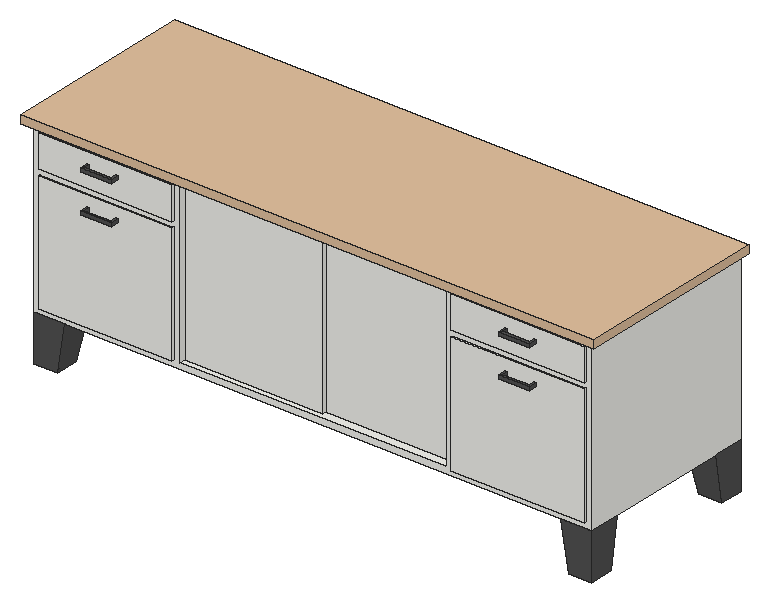
Revit family
Parameters (values of type "1830 x 0610mm")
  Keynote = "N"
  Depth = 610.00 mm
  Material Desk Body = Laminate - Ivory, Matte
  Material Handle/Legs = Metal - Chrome
  Material Top = Wood - Cherry
  Height = 734.00 mm
  Width = 1830.00 mm
  Assembly Code = ""
Types (2, lengths in mm): name | Width
  1830 x 0610mm | 1830.00
  1525 x 0610mm | 1525.00
Reference planes
  plane 1 "Center (Front/Back)": y = 4.58
  plane 2: z = 0
  plane 3 "Center (Left/Right)": x = 59.544
  plane 4 "Back": y = 309.58
  plane 5 "Front": y = -300.42
  plane 6 "Right": x = 974.544
  plane 7 "Left": x = -855.456
  plane 8 "Top": z = 734
  plane 9: z = 152.4
  plane 10: x = -397.956
  plane 11: x = 517.044
  plane 12: y = -306.77
  plane 13: y = 290.33
  plane 14: x = 745.794
  plane 15: z = 654.137
  plane 16: z = 527.05
  plane 17: x = 694.544
  plane 18: x = -626.706
  plane 19: z = 654.05
  plane 20: z = 527.05
Forms (mm)
  Extrusion 1, solid, material "Wood - Cherry" <- "Material Top"
    sketch origin (0, 0, 0) x (1, 0, 0) y (0, 1, 0)
      loop
        line (-880.856, 309.58) -> (-880.856, -325.82) -> (999.944, -325.82) -> (999.944, 309.58) -> (-880.856, 309.58)
    from 708.6 to 734
  Extrusion 2, solid, material "Laminate - Ivory, Matte" <- "Material Desk Body"
    sketch origin (0, 0, 0) x (1, 0, 0) y (0, 1, 0)
      loop
        line (-855.456, 309.58) -> (-855.456, -300.42) -> (974.544, -300.42) -> (974.544, 309.58) -> (-855.456, 309.58)
    from 152.4 to 708.6
  Blend 3, solid, material "Metal - Chrome" <- "Material Handle/Legs"
    base sketch origin (-854.856, 614.18, 0) x (1, 0, 0) y (0, 1, 0)
      loop
        line (1829.4, -914.6) -> (1829.4, -838.4) -> (1753.2, -838.4) -> (1753.2, -914.6) -> (1829.4, -914.6)
    top sketch origin (-854.856, 614.18, 0) x (1, 0, 0) y (0, 1, 0)
      loop
        line (1829.4, -914.6) -> (1829.4, -813) -> (1727.8, -813) -> (1727.8, -914.6) -> (1829.4, -914.6)
    from 0 to 152.4
  Blend 4, solid, material "Metal - Chrome" <- "Material Handle/Legs"
    base sketch origin (973.944, -605.02, 0) x (-1, 0, 0) y (0, -1, 0)
      loop
        line (1829.4, -914.6) -> (1829.4, -838.4) -> (1753.2, -838.4) -> (1753.2, -914.6) -> (1829.4, -914.6)
    top sketch origin (973.944, -605.02, 0) x (-1, 0, 0) y (0, -1, 0)
      loop
        line (1829.4, -914.6) -> (1829.4, -813) -> (1727.8, -813) -> (1727.8, -914.6) -> (1829.4, -914.6)
    from 0 to 152.4
  Blend 5, solid, material "Metal - Chrome" <- "Material Handle/Legs"
    base sketch origin (973.944, 614.18, 0) x (-1, 0, 0) y (0, -1, 0)
      loop
        line (1829.4, 914.6) -> (1753.2, 914.6) -> (1753.2, 838.4) -> (1829.4, 838.4) -> (1829.4, 914.6)
    top sketch origin (973.944, 614.18, 0) x (-1, 0, 0) y (0, -1, 0)
      loop
        line (1829.4, 914.6) -> (1727.8, 914.6) -> (1727.8, 813) -> (1829.4, 813) -> (1829.4, 914.6)
    from 0 to 152.4
  Extrusion 6, solid, material "Laminate - Ivory, Matte" <- "Material Desk Body"
    sketch origin (1143, 309.58, 0) x (1, 0, 0) y (0, 0, 1)
      loop
        line (-1979.406, 689.55) -> (-1979.406, 581.6) -> (-1540.956, 581.6) -> (-1540.956, 689.55) -> (-1979.406, 689.55)
      loop
        line (-1540.956, 171.45) -> (-1540.956, 562.55) -> (-1979.406, 562.55) -> (-1979.406, 171.45) -> (-1540.956, 171.45)
    from 610 to 616.35
  Extrusion 7, solid, material "Laminate - Ivory, Matte" <- "Material Desk Body"
    sketch origin (1143, 309.58, 0) x (1, 0, 0) y (0, 0, 1)
      loop
        line (-625.956, 689.55) -> (-625.956, 584.2) -> (-187.506, 584.2) -> (-187.506, 689.55) -> (-625.956, 689.55)
      loop
        line (-187.506, 171.45) -> (-187.506, 565.15) -> (-625.956, 565.15) -> (-625.956, 171.45) -> (-187.506, 171.45)
    from 609.6 to 615.95
  Blend 8, solid, material "Metal - Chrome" <- "Material Handle/Legs"
    base sketch origin (-854.856, -605.02, 0) x (1, 0, 0) y (0, 1, 0)
      loop
        line (1829.4, 914.6) -> (1753.2, 914.6) -> (1753.2, 838.4) -> (1829.4, 838.4) -> (1829.4, 914.6)
    top sketch origin (-854.856, -605.02, 0) x (1, 0, 0) y (0, 1, 0)
      loop
        line (1829.4, 914.6) -> (1727.8, 914.6) -> (1727.8, 813) -> (1829.4, 813) -> (1829.4, 914.6)
    from 0 to 152.4
  Extrusion 9, void
    sketch origin (1143, 309.58, 0) x (1, 0, 0) y (0, 0, 1)
      loop
        line (-1521.906, 689.55) -> (-1521.906, 171.45) -> (-645.006, 171.45) -> (-645.006, 689.55) -> (-1521.906, 689.55)
    from 19.25 to 610
  Extrusion 10, solid, material "Laminate - Ivory, Matte" <- "Material Desk Body"
    sketch origin (1143, 309.58, 0) x (1, 0, 0) y (0, 0, 1)
      loop
        line (-1069.375, 689.55) -> (-1521.906, 689.55) -> (-1521.906, 171.45) -> (-1069.375, 171.45) -> (-1069.375, 689.55)
    from 576.652 to 589.352
  Extrusion 11, solid, material "Laminate - Ivory, Matte" <- "Material Desk Body"
    sketch origin (34.008, -300.42, 0) x (1, 0, 0) y (0, 0, 1)
      loop
        line (497.994, 689.55) -> (12.836, 689.55) -> (12.836, 171.45) -> (497.994, 171.45) -> (497.994, 689.55)
    from -45.648 to -33.348
  Sweep 12, solid, material "Metal - Chrome" <- "Material Handle/Legs"
    path origin (0, 0, 0) x (1, 0, 0) y (0, 1, 0)
      loop
        line (694.994, -306.77) -> (694.994, -332.17) -> (796.594, -332.17) -> (796.594, -306.77)
    profile origin (0, -319.47, 0) x (1, 0, 0) y (0, 0, 1)
      loop
        line (694.994, 654.137) -> (694.994, 641.437) -> (701.344, 641.437) -> (701.344, 654.137) -> (694.994, 654.137)
      loop
        line (694.994, 527.05) -> (694.994, 514.35) -> (701.344, 514.35) -> (701.344, 527.05) -> (694.994, 527.05)
  Sweep 13, solid, material "Metal - Chrome" <- "Material Handle/Legs"
    path origin (0, 0, 0) x (1, 0, 0) y (0, 1, 0)
      loop
        line (-677.506, -306.77) -> (-677.506, -332.17) -> (-575.906, -332.17) -> (-575.906, -306.77)
    profile origin (0, -319.47, 0) x (1, 0, 0) y (0, 0, 1)
      loop
        line (-677.506, 527.05) -> (-677.506, 514.35) -> (-671.156, 514.35) -> (-671.156, 527.05) -> (-677.506, 527.05)
      loop
        line (-677.506, 654.05) -> (-677.506, 641.35) -> (-671.156, 641.35) -> (-671.156, 654.05) -> (-677.506, 654.05)
Cuts and joins
  Extrusion 9 cuts Extrusion 1
  Extrusion 9 cuts Extrusion 2
  Extrusion 9 cuts Blend 3
  Extrusion 9 cuts Blend 4
  Extrusion 9 cuts Blend 5
  Extrusion 9 cuts Extrusion 6
  Extrusion 9 cuts Extrusion 7
  Extrusion 9 cuts Blend 8
Lines and regions (mm)
  Masking region 1
    outline origin (0, 0, 0) x (1, 0, 0) y (0, 1, 0)
      loop
        line (999.944, 309.58) -> (-880.856, 309.58) -> (-880.856, -325.82) -> (-677.506, -325.82) -> (-677.506, -332.17) -> (-575.906, -332.17) -> (-575.906, -325.82) -> (694.994, -325.82) -> (694.994, -332.17) -> (796.594, -332.17) -> (796.594, -325.82) -> (999.944, -325.82) -> (999.944, 309.58)
  symbolic lines
    curve 1: line (694.994, -325.82, 0) -> (796.594, -325.82, 0)
    curve 2: line (-677.506, -325.82, 0) -> (-575.906, -325.82, 0)
Dimensions and locks
  equal spacing: plane 7 "Left", plane 3 "Center (Left/Right)", plane 6 "Right"
  equal spacing: plane 5 "Front", plane 1 "Center (Front/Back)", plane 4 "Back"
  "Width": plane 7 "Left" to plane 6 "Right"
  "Depth": plane 5 "Front" to plane 4 "Back"
  "Height": plane 8 "Top" to plane 2
  locked: Extrusion 1 to Extrusion 1 at 25.4
  locked: plane 9 to plane 2 at 152.4
  equal spacing: plane 7 "Left", plane 10, plane 3 "Center (Left/Right)"
  equal spacing: plane 6 "Right", plane 11, plane 3 "Center (Left/Right)"
  plane 12 to plane 5 "Front" = 6.35 mm
  Extrusion 1 to Extrusion 6 sketch curve = 19.05 mm
  equal spacing: plane 11, plane 14, plane 6 "Right"
  equal spacing: plane 7 "Left", plane 18, plane 10
  aligned and locked: Extrusion 1 to plane 8 "Top"
  aligned and locked: Extrusion 2 to Extrusion 1
  aligned and locked: plane 6 "Right" to Extrusion 2 sketch curve
  aligned and locked: Extrusion 2 sketch curve to plane 5 "Front"
  aligned and locked: Extrusion 1 sketch curve to plane 4 "Back"
  aligned and locked: Extrusion 6 to plane 5 "Front"
  aligned and locked: Extrusion 6 to plane 12
  aligned and locked: plane 5 "Front" to Extrusion 9
  aligned and locked: plane 13 to Extrusion 9
  aligned and locked: Extrusion 11 to Extrusion 10
Automatic sketch dimensions
  Blend 3 sketch curve to plane 5 "Front" = 0.00 mm  (x2)
  Blend 3 sketch curve to plane 6 "Right" = 0.00 mm  (x2)
  Blend 3 sketch curve to Blend 3 sketch curve = 76.20 mm  (x2)
  Blend 3 sketch curve to Blend 3 sketch curve = 101.60 mm  (x2)
  Blend 4 sketch curve to plane 4 "Back" = 0.00 mm  (x2)
  Blend 4 sketch curve to plane 7 "Left" = 0.00 mm  (x2)
  Blend 4 sketch curve to Blend 4 sketch curve = 76.20 mm  (x2)
  Blend 4 sketch curve to Blend 4 sketch curve = 101.60 mm  (x2)
  Blend 5 sketch curve to plane 5 "Front" = 0.00 mm  (x2)
  Blend 5 sketch curve to plane 7 "Left" = 0.00 mm  (x2)
  Blend 5 sketch curve to Blend 5 sketch curve = 76.20 mm  (x2)
  Blend 5 sketch curve to Blend 5 sketch curve = 101.60 mm  (x2)
  plane 5 "Front" to Extrusion 1 sketch curve = 25.40 mm
  plane 7 "Left" to Extrusion 1 sketch curve = 25.40 mm
  Extrusion 1 sketch curve to plane 6 "Right" = 25.40 mm
  Blend 8 sketch curve to plane 4 "Back" = 0.00 mm  (x2)
  Blend 8 sketch curve to plane 6 "Right" = 0.00 mm  (x2)
  Blend 8 sketch curve to Blend 8 sketch curve = 76.20 mm  (x2)
  Blend 8 sketch curve to Blend 8 sketch curve = 101.60 mm  (x2)
  Extrusion 9 sketch curve to plane 10 = 19.05 mm
  plane 11 to Extrusion 9 sketch curve = 19.05 mm
  Extrusion 9 sketch curve to plane 9 = 19.05 mm
  plane 8 "Top" to Extrusion 9 sketch curve = 44.45 mm
  plane 3 "Center (Left/Right)" to Extrusion 10 sketch curve = 14.081 mm
  Extrusion 10 sketch curve to plane 9 = 19.05 mm
  Extrusion 10 sketch curve to plane 10 = 19.05 mm
  plane 8 "Top" to Extrusion 10 sketch curve = 44.45 mm
  Extrusion 11 sketch curve to plane 3 "Center (Left/Right)" = 12.70 mm
  Extrusion 11 sketch curve to plane 9 = 19.05 mm
  Extrusion 11 sketch curve to plane 11 = 14.958 mm
  plane 8 "Top" to Extrusion 11 sketch curve = 44.45 mm
  Extrusion 7 sketch curve to plane 11 = 0.00 mm  (x2)
  plane 6 "Right" to Extrusion 7 sketch curve = 19.05 mm  (x2)
  Extrusion 7 sketch curve to plane 9 = 19.05 mm
  Extrusion 7 sketch curve to Extrusion 7 sketch curve = 393.70 mm
  Extrusion 7 sketch curve to Extrusion 7 sketch curve = 19.05 mm
  plane 8 "Top" to Extrusion 7 sketch curve = 44.45 mm
  Extrusion 6 sketch curve to plane 10 = 0.00 mm  (x2)
  Extrusion 6 sketch curve to plane 7 "Left" = 19.05 mm
  Extrusion 6 sketch curve to Extrusion 6 sketch curve = 0.00 mm
  Extrusion 6 sketch curve to Extrusion 6 sketch curve = 107.95 mm
  Extrusion 6 sketch curve to Extrusion 6 sketch curve = 19.05 mm
  Extrusion 6 sketch curve to plane 9 = 19.05 mm
  Sweep 12 sketch curve to plane 12 = 0.00 mm  (x2)
  Sweep 12 sketch curve to plane 12 = 25.40 mm
  Sweep 12 sketch curve to plane 14 = 50.80 mm
  plane 14 to Sweep 12 sketch curve = 50.80 mm
  Sweep 12 sketch curve to profile plane = 0.00 mm  (x2)
  Sweep 12 sketch curve to plane 16 = 0.00 mm
  Sweep 12 sketch curve to plane 15 = 0.00 mm
  Sweep 12 sketch curve to profile plane = 6.35 mm  (x2)
  plane 16 to Sweep 12 sketch curve = 12.70 mm
  plane 15 to Sweep 12 sketch curve = 12.70 mm
  Sweep 13 sketch curve to plane 12 = 0.00 mm  (x2)
  Sweep 13 sketch curve to plane 12 = 25.40 mm
  Sweep 13 sketch curve to plane 18 = 50.80 mm
  plane 18 to Sweep 13 sketch curve = 50.80 mm
  Sweep 13 sketch curve to profile plane = 0.00 mm  (x2)
  Sweep 13 sketch curve to plane 19 = 0.00 mm
  Sweep 13 sketch curve to plane 20 = 0.00 mm
  Sweep 13 sketch curve to profile plane = 6.35 mm  (x2)
  plane 20 to Sweep 13 sketch curve = 12.70 mm
  Sweep 13 sketch curve to Sweep 13 sketch curve = 12.70 mm
  Masking region 1 sketch curve to plane 4 "Back" = 0.00 mm
  plane 7 "Left" to Masking region 1 sketch curve = 25.40 mm
  Masking region 1 sketch curve to plane 12 = 19.05 mm  (x2)
  Masking region 1 sketch curve to plane 18 = 50.80 mm
  Masking region 1 sketch curve to Masking region 1 sketch curve = 0.00 mm  (x3)
  Masking region 1 sketch curve to plane 12 = 25.40 mm
  plane 18 to Masking region 1 sketch curve = 50.80 mm
  Masking region 1 sketch curve to plane 14 = 50.80 mm  (x2)
  plane 14 to Masking region 1 sketch curve = 50.80 mm
  Masking region 1 sketch curve to plane 6 "Right" = 25.40 mm
  Masking region 1 sketch curve to Masking region 1 sketch curve = 6.35 mm  (x2)
  curve 2 to plane 12 = 19.05 mm
  curve 2 to plane 18 = 50.80 mm
  plane 18 to curve 2 = 50.80 mm
  curve 1 to plane 12 = 19.05 mm
  curve 1 to plane 14 = 50.80 mm
  plane 14 to curve 1 = 50.80 mm
  Extrusion 2 sketch curve to plane 7 "Left" = 0.00 mm
  Extrusion 2 sketch curve to plane 4 "Back" = 0.00 mm
